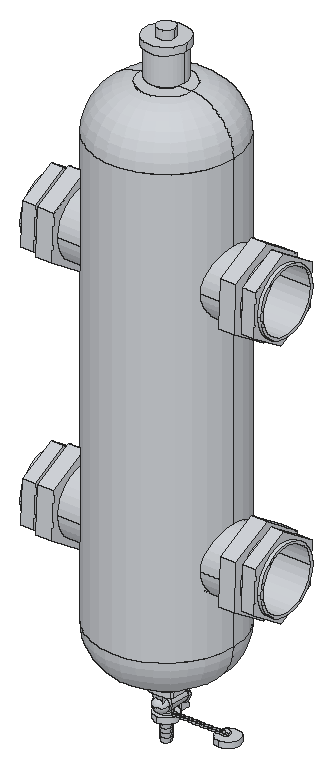
Revit family "Magnetic Dirt-Separator - R146IY006", category Plumbing Fixtures, Revit 2015
Reference planes
  plane 1 "Center (Front/Back)": y = 0
  plane 2: z = 0
  plane 3 "Center (Left/Right)": x = 0
  plane 4: z = 179
  plane 5: x = -116
  plane 6: x = 116
  plane 7: x = 27.082
  plane 8: x = -27.082
  plane 9: z = 617
  plane 10: z = 419
  plane 11: y = 27.082
  plane 12: y = -27.082
  plane 13: y = -65
  plane 14: y = 71
  plane 15: y = 27.082
  plane 16: y = -27.082
Forms (mm)
  Revolve 1, solid
    sketch origin (0, 0, 3) x (1, 0, 0) y (0, 0, 1)
      loop
        line (-65, 521.67) -> (-65, 99.691)
        arc (-65, 99.691) -> (-54, 71.623) -> (-26.858, 58.503) r 41.31
        line (-26.858, 58.503) -> (0, 58.503) -> (0, 566) -> (-24.979, 566)
        arc (-24.979, 566) -> (-53.515, 551.532) -> (-65, 521.67) r 44.562
      axis (0, 566) -> (0, 58.503)
    angle from 0 to 360
  Extrusion 2, solid
    sketch origin (0, 0, 609) x (1, 0, 0) y (0, 1, 0)
      loop
        circle (0, 0) r 8
    from 0 to 8
  Revolve 3, solid
    sketch origin (0, 0, 0) x (1, 0, 0) y (0, 0, 1)
      loop
        line (-5.119, 19.706) -> (-4.304, 15.76) -> (-5.119, 15.76) -> (-4.304, 11.814) -> (-5.119, 11.814) -> (-4.304, 7.868) -> (-5.119, 7.868) -> (-4.304, 3.922) -> (-5.119, 3.922) -> (-4.309, 0) -> (0, 0) -> (0, 19.706) -> (-5.119, 19.706)
      axis (0, 19.706) -> (0, 0)
    angle from 0 to 360
  Extrusion 4, solid
    sketch origin (0, 0, 51.5) x (0, -1, 0) y (1, 0, 0)
      loop
        line (-9.899, 9.899) -> (-13.523, -3.623) -> (-3.623, -13.523) -> (9.899, -9.899) -> (13.523, 3.623) -> (3.623, 13.523) -> (-9.899, 9.899)
    from -0.912 to 11.088
  Extrusion 5, solid
    sketch origin (0, 0, 43.706) x (0, -1, 0) y (1, 0, 0)
      loop
        circle (0, 0) r 11.105
      loop
        line (-8.942, -11.82) -> (-6.943, -13.221)
        arc (-6.943, -13.221) -> (0, -12.987) -> (6.943, -13.221) r 103.44
        line (6.943, -13.221) -> (8.942, -11.82)
        arc (8.942, -11.82) -> (11.789, 0) -> (8.942, 11.82) r 25.966
        line (8.942, 11.82) -> (6.943, 13.221)
        arc (6.943, 13.221) -> (0, 12.987) -> (-6.943, 13.221) r 103.44
        line (-6.943, 13.221) -> (-8.942, 11.82)
        arc (-8.942, 11.82) -> (-11.789, 0) -> (-8.942, -11.82) r 25.966
    from 0 to 5
  Extrusion 6, solid
    sketch origin (0, 0, 19.706) x (0, -1, 0) y (1, 0, 0)
      loop
        circle (0, 0) r 11
    from 0 to 4.971
  Extrusion 7, solid
    sketch origin (0, 0, 44.706) x (0, -1, 0) y (1, 0, 0)
      loop
        circle (0, 0) r 13
    from 4 to 6
  Extrusion 8, solid
    sketch origin (59.562, 0, 19.677) x (0, -1, 0) y (1, 0, 0)
      loop
        circle (0, 0) r 11
    from 0 to 5
  Extrusion 9, solid
    sketch origin (0, 10.938, -134.258) x (1, 0, 0) y (0, 0, -1)
      loop
        circle (0, -167.996) r 7.5
    from -13.595 to 5.209
  Revolve 10, solid
    sketch origin (0, -2.656, 33.727) x (0, -1, 0) y (1, 0, 0)
      loop
        line (0, 7.5) -> (0, 0) -> (10.635, 0)
        arc (10.635, 0) -> (8.319, 5.314) -> (2.95, 7.5) r 7.687
        line (2.95, 7.5) -> (0, 7.5)
      axis (0, 0) -> (10.635, 0)
    angle from 0 to 360
  Extrusion 11, solid
    sketch origin (0, 0, 14.706) x (-1, 0, 0) y (0, -1, 0)
      loop
        circle (0, 0) r 5.119
    from 9.971 to 16.528
  Revolve 12, solid
    sketch origin (0, 16.384, 33.727) x (0, 1, 0) y (-1, 0, 0)
      loop
        line (0.632, -8.291) -> (2.722, -8.291)
        arc (2.722, -8.291) -> (3.657, -4.191) -> (4.004, 0) r 29.769
        line (4.004, 0) -> (-1.726, 0) -> (-1.726, -5.865) -> (2.031, -5.865) -> (2.031, -7.491) -> (0.632, -7.491) -> (0.632, -8.291)
      axis (-1.726, 0) -> (4.004, 0)
    angle from 0 to 360
  Extrusion 13, solid
    sketch origin (4.688, 0, 0) x (0, -1, 0) y (0, 0, 1)
      loop
        line (11.329, 43.706) -> (-11.171, 43.706)
        arc (-11.171, 43.706) -> (-9.919, 40.677) -> (-9.876, 37.399) r 8.706
        line (-9.876, 37.399) -> (10.033, 37.399)
        arc (10.033, 37.399) -> (10.077, 40.677) -> (11.329, 43.706) r 8.706
    from -0.08 to 9.224
  Extrusion 14, solid
    sketch origin (1, 0, 0) x (0, -1, 0) y (0, 0, 1)
      loop
        line (-17.015, 42.013) -> (-17.015, 44.152) -> (-25.165, 44.152)
        arc (-25.165, 44.152) -> (-25.684, 43.831) -> (-25.628, 43.224) r 0.579
        line (-25.628, 43.224) -> (-20.328, 34.998)
        arc (-20.328, 34.998) -> (-19.907, 38.541) -> (-19.091, 42.013) r 31.634
        line (-19.091, 42.013) -> (-17.015, 42.013)
      loop
        line (-17.017, 25.437) -> (-19.084, 25.437)
        arc (-19.084, 25.437) -> (-19.905, 28.921) -> (-20.328, 32.476) r 31.634
        line (-20.328, 32.476) -> (-26.147, 19.717)
        arc (-26.147, 19.717) -> (-26.054, 18.428) -> (-24.921, 17.809) r 1.348
        line (-24.921, 17.809) -> (-17.017, 17.809) -> (-17.017, 25.437)
    from 0 to 2
  Extrusion 15, solid
    sketch origin (0, 0, 24.677) x (1, 0, 0) y (0, 1, 0)
      loop
        arc (9.667, 0.599) -> (7.817, 2.01) -> (5.874, 0.731) r 2.011
        arc (5.874, 0.731) -> (-0.366, 5.908) -> (-5.919, 0) r 5.919
        arc (-5.919, 0) -> (-0.366, -5.908) -> (5.874, -0.731) r 5.919
        arc (5.874, -0.731) -> (7.817, -2.01) -> (9.667, -0.599) r 2.011
        arc (9.667, -0.599) -> (11.587, -2.011) -> (13.506, -0.599) r 2.011
        arc (13.506, -0.599) -> (15.426, -2.011) -> (17.346, -0.599) r 2.011
        arc (17.346, -0.599) -> (19.265, -2.011) -> (21.185, -0.599) r 2.011
        arc (21.185, -0.599) -> (23.104, -2.011) -> (25.024, -0.599) r 2.011
        arc (25.024, -0.599) -> (26.944, -2.011) -> (28.863, -0.599) r 2.011
        arc (28.863, -0.599) -> (30.783, -2.011) -> (32.702, -0.599) r 2.011
        arc (32.702, -0.599) -> (34.622, -2.011) -> (36.541, -0.599) r 2.011
        arc (36.541, -0.599) -> (38.461, -2.011) -> (40.381, -0.599) r 2.011
        arc (40.381, -0.599) -> (42.3, -2.011) -> (44.22, -0.599) r 2.011
        arc (44.22, -0.599) -> (46.139, -2.011) -> (48.059, -0.599) r 2.011
        arc (48.059, -0.599) -> (49.979, -2.011) -> (51.898, -0.599) r 2.011
        arc (51.898, -0.599) -> (53.818, -2.011) -> (55.737, -0.599) r 2.011
        arc (55.737, -0.599) -> (57.96, -1.988) -> (59.668, 0) r 2.011
        arc (59.668, 0) -> (57.96, 1.988) -> (55.737, 0.599) r 2.011
        arc (55.737, 0.599) -> (53.818, 2.011) -> (51.898, 0.599) r 2.011
        arc (51.898, 0.599) -> (49.979, 2.011) -> (48.059, 0.599) r 2.011
        arc (48.059, 0.599) -> (46.139, 2.011) -> (44.22, 0.599) r 2.011
        arc (44.22, 0.599) -> (42.3, 2.011) -> (40.381, 0.599) r 2.011
        arc (40.381, 0.599) -> (38.461, 2.011) -> (36.541, 0.599) r 2.011
        arc (36.541, 0.599) -> (34.622, 2.011) -> (32.702, 0.599) r 2.011
        arc (32.702, 0.599) -> (30.783, 2.011) -> (28.863, 0.599) r 2.011
        arc (28.863, 0.599) -> (26.944, 2.011) -> (25.024, 0.599) r 2.011
        arc (25.024, 0.599) -> (23.104, 2.011) -> (21.185, 0.599) r 2.011
        arc (21.185, 0.599) -> (19.265, 2.011) -> (17.346, 0.599) r 2.011
        arc (17.346, 0.599) -> (15.426, 2.011) -> (13.506, 0.599) r 2.011
        arc (13.506, 0.599) -> (11.587, 2.011) -> (9.667, 0.599) r 2.011
      loop
        circle (7.748, 0) r 1.828
      loop
        circle (11.587, 0) r 1.828
      loop
        circle (15.426, 0) r 1.828
      loop
        circle (19.265, 0) r 1.828
      loop
        circle (23.104, 0) r 1.828
      loop
        circle (26.944, 0) r 1.828
      loop
        circle (30.783, 0) r 1.828
      loop
        circle (34.622, 0) r 1.828
      loop
        circle (38.461, 0) r 1.828
      loop
        circle (42.3, 0) r 1.828
      loop
        circle (46.139, 0) r 1.828
      loop
        circle (49.979, 0) r 1.828
      loop
        circle (53.818, 0) r 1.828
      loop
        circle (0, 0) r 5.119
      loop
        circle (57.657, 0) r 1.828
    from 0 to 1
  Extrusion 16, solid
    sketch origin (-1.905, 0, -3.024) x (1, 0, 0) y (0, 0, 1)
      loop
        line (55.828, 28.935) -> (63.295, 28.935) -> (63.295, 30.576)
        arc (63.295, 30.576) -> (59.562, 31.656) -> (55.828, 30.576) r 6.992
        line (55.828, 30.576) -> (55.828, 28.935)
      loop
        arc (62.495, 30.585) -> (59.562, 30.853) -> (56.628, 30.585) r 16.148
        line (56.628, 30.585) -> (56.628, 29.735) -> (62.495, 29.735) -> (62.495, 30.585)
    from -1.539 to 1.47
  Extrusion 17, solid
    sketch origin (59.562, 0, 27.373) x (0, -1, 0) y (1, 0, 0)
      loop
        circle (0, -1.905) r 1.5
    from -3.516 to -1.461
  Extrusion 18, solid
    sketch origin (-37.5, 0, 243.737) x (0, 1, 0) y (0, 0, -1)
      loop
        circle (0, -175.263) r 31
    from -153.5 to 78.5
  Extrusion 19, void
    sketch origin (0, 0, 220) x (0, 1, 0) y (0, 0, 1)
      loop
        circle (0, 199) r 29
    from -201.156 to 225
  Extrusion 20, void
    sketch origin (0, 0, 0) x (1, 0, 0) y (0, 0, 1)
      loop
        circle (0, 419) r 14
    from -70.955 to -15
  Extrusion 21, solid
    sketch origin (0, 0.79, 0) x (1, 0, 0) y (0, 0, -1)
      loop
        circle (0, -419) r 14
      loop
        circle (0, -419) r 16
    from 23.301 to 70.21
  Extrusion 22, solid
    sketch origin (37.5, 0, 23.737) x (0, 1, 0) y (0, 0, 1)
      loop
        circle (0, 155.263) r 31
    from -153.5 to 78.5
  Extrusion 23, void
    sketch origin (0, 0, 0) x (0, 1, 0) y (0, 0, 1)
      loop
        circle (0, 179) r 29
    from -201.156 to 225
  Extrusion 24, solid
    sketch origin (0, 0, 602) x (1, 0, 0) y (0, 1, 0)
      loop
        circle (0, 0) r 20
    from 0 to 7
  Extrusion 25, solid
    sketch origin (0, 0, 583.505) x (1, 0, 0) y (0, 1, 0)
      loop
        circle (0, 0) r 18
    from -9.505 to 18.495
  Extrusion 26, solid
    sketch origin (0, 0, 569) x (1, 0, 0) y (0, 1, 0)
      loop
        circle (0, 0) r 11
    from 0 to 5
  Extrusion 27, solid
    sketch origin (-112.125, 0, 0) x (0, 1, 0) y (0, 0, 1)
      loop
        line (2.036, 457.855) -> (-32.631, 440.191) -> (-34.668, 401.336) -> (-2.036, 380.145) -> (32.631, 397.809) -> (34.668, 436.664) -> (2.036, 457.855)
      loop
        circle (0, 419) r 31
    from 0 to 12
  Extrusion 28, solid
    sketch origin (-95.652, 0, 0) x (0, 1, 0) y (0, 0, 1)
      loop
        line (2.198, 460.942) -> (-35.224, 441.875) -> (-37.422, 399.932) -> (-2.198, 377.058) -> (35.224, 396.125) -> (37.422, 438.068) -> (2.198, 460.942)
      loop
        circle (0, 419) r 31
    from 0 to 15
  Extrusion 29, solid
    sketch origin (112.125, 0, 0) x (0, 1, 0) y (0, 0, -1)
      loop
        line (2.036, -457.855) -> (34.668, -436.664) -> (32.631, -397.809) -> (-2.036, -380.145) -> (-34.668, -401.336) -> (-32.631, -440.191) -> (2.036, -457.855)
      loop
        circle (0, -419) r 31
    from 0 to 12
  Extrusion 30, solid
    sketch origin (95.652, 0, 0) x (0, 1, 0) y (0, 0, -1)
      loop
        line (2.198, -460.942) -> (37.422, -438.068) -> (35.224, -396.125) -> (-2.198, -377.058) -> (-37.422, -399.932) -> (-35.224, -441.875) -> (2.198, -460.942)
      loop
        circle (0, -419) r 31
    from 0 to 15
  Extrusion 31, solid
    sketch origin (-112.125, 0, -240) x (0, 1, 0) y (0, 0, 1)
      loop
        line (2.036, 457.855) -> (-32.631, 440.191) -> (-34.668, 401.336) -> (-2.036, 380.145) -> (32.631, 397.809) -> (34.668, 436.664) -> (2.036, 457.855)
      loop
        circle (0, 419) r 31
    from 0 to 12
  Extrusion 32, solid
    sketch origin (-95.652, 0, -240) x (0, 1, 0) y (0, 0, 1)
      loop
        line (2.198, 460.942) -> (-35.224, 441.875) -> (-37.422, 399.932) -> (-2.198, 377.058) -> (35.224, 396.125) -> (37.422, 438.068) -> (2.198, 460.942)
      loop
        circle (0, 419) r 31
    from 0 to 15
  Extrusion 33, solid
    sketch origin (112.125, 0, -240) x (0, 1, 0) y (0, 0, -1)
      loop
        line (2.036, -457.855) -> (34.668, -436.664) -> (32.631, -397.809) -> (-2.036, -380.145) -> (-34.668, -401.336) -> (-32.631, -440.191) -> (2.036, -457.855)
      loop
        circle (0, -419) r 31
    from 0 to 12
  Extrusion 34, solid
    sketch origin (95.652, 0, -240) x (0, 1, 0) y (0, 0, -1)
      loop
        line (2.198, -460.942) -> (37.422, -438.068) -> (35.224, -396.125) -> (-2.198, -377.058) -> (-37.422, -399.932) -> (-35.224, -441.875) -> (2.198, -460.942)
      loop
        circle (0, -419) r 31
    from 0 to 15
Cuts and joins
  Extrusion 19, Extrusion 20, Extrusion 23 cuts Revolve 1
  Extrusion 19, Extrusion 23 cuts Extrusion 18
  Extrusion 23 cuts Extrusion 22
Dimensions and locks
  plane 2 to plane 4 = 179 mm
  equal spacing: plane 5, plane 3 "Center (Left/Right)", plane 6
  plane 2 to plane 9 = 617 mm
  plane 4 to plane 10 = 240 mm
  plane 10 to plane 9 = 198 mm
  plane 1 "Center (Front/Back)" to plane 14 = 71 mm
  plane 13 to plane 1 "Center (Front/Back)" = 65 mm
  plane 13 to plane 14 = 136 mm
  plane 3 "Center (Left/Right)" to plane 6 = 116 mm
  plane 3 "Center (Left/Right)" to plane 5 = 116 mm
  aligned and locked: level to plane 2
Automatic sketch dimensions
  Revolve 1 sketch curve to plane 3 "Center (Left/Right)" = 0 mm  (x2)
  Revolve 1 sketch curve to plane 3 "Center (Left/Right)" = 20.438 mm
  Revolve 1 sketch curve to plane 3 "Center (Left/Right)" = 23.69 mm
  Revolve 1 sketch curve to Revolve 1 sketch curve = 24.979 mm
  Revolve 1 sketch curve to Revolve 1 sketch curve = 26.858 mm
  Revolve 1 sketch curve to Revolve 1 sketch curve = 41.31 mm
  level to Revolve 1 sketch curve = 61.503 mm
  Revolve 1 sketch curve to plane 9 = 92.33 mm
  Revolve 1 sketch curve to plane 10 = 94 mm
  Revolve 1 sketch curve to Revolve 1 sketch curve = 22.67 mm
  plane 1 "Center (Front/Back)" to Extrusion 2 sketch curve = 0 mm
  Extrusion 2 sketch curve to plane 3 "Center (Left/Right)" = 0 mm
  Revolve 3 sketch curve to level = 0 mm  (x2)
  Revolve 3 sketch curve to plane 3 "Center (Left/Right)" = 0 mm  (x2)
  Revolve 3 sketch curve to plane 3 "Center (Left/Right)" = 4.304 mm  (x2)
  Revolve 3 sketch curve to Revolve 3 sketch curve = 0 mm  (x3)
  Revolve 3 sketch curve to Revolve 3 sketch curve = 0.005 mm
  Revolve 3 sketch curve to Revolve 3 sketch curve = 0.815 mm  (x4)
  level to Revolve 3 sketch curve = 3.922 mm
  Revolve 3 sketch curve to Revolve 3 sketch curve = 3.946 mm  (x4)
  Revolve 3 sketch curve to level = 13.856 mm
  Extrusion 4 sketch curve to plane 3 "Center (Left/Right)" = 3.623 mm
  Extrusion 4 sketch curve to plane 1 "Center (Front/Back)" = 13.523 mm
  Extrusion 4 sketch curve to plane 1 "Center (Front/Back)" = 9.899 mm
  Extrusion 4 sketch curve to plane 1 "Center (Front/Back)" = 3.623 mm
  plane 1 "Center (Front/Back)" to Extrusion 4 sketch curve = 3.623 mm
  plane 1 "Center (Front/Back)" to Extrusion 4 sketch curve = 9.899 mm
  plane 3 "Center (Left/Right)" to Extrusion 4 sketch curve = 3.623 mm
  plane 1 "Center (Front/Back)" to Extrusion 4 sketch curve = 13.523 mm
  Extrusion 4 sketch curve to plane 3 "Center (Left/Right)" = 9.899 mm
  Extrusion 4 sketch curve to plane 3 "Center (Left/Right)" = 13.523 mm
  plane 3 "Center (Left/Right)" to Extrusion 4 sketch curve = 9.899 mm
  plane 3 "Center (Left/Right)" to Extrusion 4 sketch curve = 13.523 mm
  Extrusion 5 sketch curve to plane 3 "Center (Left/Right)" = 0 mm  (x3)
  plane 1 "Center (Front/Back)" to Extrusion 5 sketch curve = 0 mm  (x3)
  Extrusion 5 sketch curve to plane 1 "Center (Front/Back)" = 6.943 mm  (x2)
  Extrusion 5 sketch curve to Extrusion 5 sketch curve = 2 mm  (x4)
  Extrusion 5 sketch curve to Extrusion 5 sketch curve = 5.235 mm  (x2)
  plane 1 "Center (Front/Back)" to Extrusion 5 sketch curve = 6.943 mm  (x2)
  Extrusion 5 sketch curve to plane 3 "Center (Left/Right)" = 11.82 mm  (x2)
  Extrusion 5 sketch curve to Extrusion 5 sketch curve = 1.4 mm  (x2)
  plane 5 to Extrusion 5 sketch curve = 0.427 mm
  Extrusion 5 sketch curve to plane 6 = 0.427 mm
  plane 1 "Center (Front/Back)" to Extrusion 6 sketch curve = 0 mm
  Extrusion 6 sketch curve to plane 3 "Center (Left/Right)" = 0 mm
  plane 1 "Center (Front/Back)" to Extrusion 7 sketch curve = 0 mm
  Extrusion 7 sketch curve to plane 3 "Center (Left/Right)" = 0 mm
  plane 1 "Center (Front/Back)" to Extrusion 8 sketch curve = 0 mm
  plane 6 to Extrusion 8 sketch curve = 56.438 mm
  Extrusion 9 sketch curve to plane 3 "Center (Left/Right)" = 0 mm
  level to Extrusion 9 sketch curve = 33.737 mm
  Revolve 10 sketch curve to plane 3 "Center (Left/Right)" = 0 mm  (x2)
  plane 1 "Center (Front/Back)" to Revolve 10 sketch curve = 2.656 mm
  Revolve 10 sketch curve to plane 3 "Center (Left/Right)" = 0.187 mm
  Revolve 10 sketch curve to Revolve 10 sketch curve = 2.95 mm
  Revolve 10 sketch curve to Revolve 10 sketch curve = 7.684 mm
  Revolve 10 sketch curve to Revolve 10 sketch curve = 0.693 mm
  Revolve 10 sketch curve to plane 1 "Center (Front/Back)" = 4.745 mm
  Extrusion 11 sketch curve to Extrusion 11 sketch curve = 0 mm  (x2)
  plane 1 "Center (Front/Back)" to Extrusion 11 sketch curve = 0 mm
  Extrusion 11 sketch curve to plane 3 "Center (Left/Right)" = 0 mm
  plane 3 "Center (Left/Right)" to Extrusion 11 sketch curve = 5.119 mm
  Revolve 12 sketch curve to plane 3 "Center (Left/Right)" = 0 mm  (x2)
  Revolve 12 sketch curve to plane 3 "Center (Left/Right)" = 0.359 mm
  plane 1 "Center (Front/Back)" to Revolve 12 sketch curve = 9.379 mm
  Revolve 12 sketch curve to plane 1 "Center (Front/Back)" = 14.658 mm
  Revolve 12 sketch curve to Revolve 12 sketch curve = 2.358 mm
  Revolve 12 sketch curve to Revolve 12 sketch curve = 1.4 mm
  Revolve 12 sketch curve to Revolve 12 sketch curve = 0.691 mm
  Revolve 12 sketch curve to Revolve 12 sketch curve = 5.73 mm
  Revolve 12 sketch curve to Revolve 12 sketch curve = 0.8 mm
  Revolve 12 sketch curve to Revolve 12 sketch curve = 1.626 mm
  Revolve 12 sketch curve to Revolve 12 sketch curve = 5.675 mm
  Revolve 12 sketch curve to Revolve 12 sketch curve = 1.033 mm
  Extrusion 13 sketch curve to plane 1 "Center (Front/Back)" = 18.447 mm
  Extrusion 13 sketch curve to Extrusion 13 sketch curve = 7.276 mm  (x2)
  Extrusion 13 sketch curve to Extrusion 13 sketch curve = 1.296 mm  (x2)
  plane 1 "Center (Front/Back)" to Extrusion 13 sketch curve = 10.033 mm
  level to Extrusion 13 sketch curve = 37.399 mm
  Extrusion 13 sketch curve to Extrusion 13 sketch curve = 1.526 mm
  Extrusion 14 sketch curve to plane 1 "Center (Front/Back)" = 26.147 mm
  Extrusion 14 sketch curve to Extrusion 14 sketch curve = 0.519 mm
  Extrusion 14 sketch curve to Extrusion 14 sketch curve = 0.463 mm
  Extrusion 14 sketch curve to Extrusion 14 sketch curve = 1.227 mm
  Extrusion 14 sketch curve to Extrusion 14 sketch curve = 5.3 mm
  Extrusion 14 sketch curve to Extrusion 14 sketch curve = 0 mm  (x2)
  Extrusion 14 sketch curve to Extrusion 14 sketch curve = 6.074 mm
  Extrusion 14 sketch curve to Extrusion 14 sketch curve = 1.244 mm
  Extrusion 14 sketch curve to Extrusion 14 sketch curve = 2.066 mm
  Extrusion 14 sketch curve to Extrusion 14 sketch curve = 2.076 mm
  plane 1 "Center (Front/Back)" to Extrusion 14 sketch curve = 11.246 mm
  level to Extrusion 14 sketch curve = 17.809 mm
  Extrusion 14 sketch curve to Extrusion 14 sketch curve = 1.348 mm
  Extrusion 14 sketch curve to Extrusion 14 sketch curve = 7.627 mm
  Extrusion 14 sketch curve to Extrusion 14 sketch curve = 7.039 mm
  Extrusion 14 sketch curve to Extrusion 14 sketch curve = 1.379 mm
  Extrusion 14 sketch curve to Extrusion 14 sketch curve = 2.522 mm
  Extrusion 14 sketch curve to Extrusion 14 sketch curve = 1.211 mm
  Extrusion 14 sketch curve to Extrusion 14 sketch curve = 0.349 mm
  Extrusion 15 sketch curve to Extrusion 15 sketch curve = 0 mm  (x180)
  plane 1 "Center (Front/Back)" to Extrusion 15 sketch curve = 0 mm  (x15)
  Extrusion 15 sketch curve to plane 3 "Center (Left/Right)" = 0 mm
  plane 3 "Center (Left/Right)" to Extrusion 15 sketch curve = 7.748 mm
  Extrusion 15 sketch curve to Extrusion 15 sketch curve = 3.839 mm  (x13)
  Extrusion 15 sketch curve to Extrusion 15 sketch curve = 5.119 mm
  Extrusion 15 sketch curve to Extrusion 15 sketch curve = 0.8 mm
  Extrusion 15 sketch curve to plane 1 "Center (Front/Back)" = 0.731 mm
  plane 1 "Center (Front/Back)" to Extrusion 15 sketch curve = 0.731 mm
  Extrusion 15 sketch curve to Extrusion 15 sketch curve = 0.045 mm
  plane 1 "Center (Front/Back)" to Extrusion 15 sketch curve = 0.599 mm  (x12)
  Extrusion 15 sketch curve to plane 1 "Center (Front/Back)" = 0.599 mm  (x13)
  Extrusion 15 sketch curve to Extrusion 15 sketch curve = 0.183 mm  (x13)
  plane 3 "Center (Left/Right)" to Extrusion 16 sketch curve = 53.924 mm
  Extrusion 16 sketch curve to Extrusion 16 sketch curve = 0.8 mm  (x3)
  Extrusion 16 sketch curve to Extrusion 16 sketch curve = 3.733 mm
  Extrusion 16 sketch curve to Extrusion 16 sketch curve = 0 mm
  Extrusion 16 sketch curve to Extrusion 16 sketch curve = 5.867 mm
  level to Extrusion 16 sketch curve = 11.681 mm
  Extrusion 16 sketch curve to Extrusion 16 sketch curve = 9.958 mm
  Extrusion 16 sketch curve to Extrusion 16 sketch curve = 4.272 mm
  Extrusion 16 sketch curve to Extrusion 16 sketch curve = 0.84 mm
  Extrusion 16 sketch curve to Extrusion 16 sketch curve = 0.009 mm
  Extrusion 17 sketch curve to Extrusion 17 sketch curve = 0 mm  (x2)
  plane 1 "Center (Front/Back)" to Extrusion 17 sketch curve = 0 mm
  plane 3 "Center (Left/Right)" to Extrusion 17 sketch curve = 57.657 mm
  Extrusion 17 sketch curve to Extrusion 17 sketch curve = 1.5 mm
  Extrusion 18 sketch curve to plane 1 "Center (Front/Back)" = 0 mm
  Extrusion 18 sketch curve to plane 10 = 0 mm
  Extrusion 19 sketch curve to Extrusion 19 sketch curve = 0 mm  (x2)
  Extrusion 19 sketch curve to plane 10 = 0 mm
  Extrusion 19 sketch curve to plane 1 "Center (Front/Back)" = 0 mm
  plane 1 "Center (Front/Back)" to Extrusion 19 sketch curve = 29 mm
  Extrusion 20 sketch curve to plane 3 "Center (Left/Right)" = 0 mm
  Extrusion 20 sketch curve to plane 10 = 0 mm
  Extrusion 21 sketch curve to Extrusion 21 sketch curve = 0 mm  (x6)
  Extrusion 21 sketch curve to plane 10 = 0 mm
  Extrusion 21 sketch curve to plane 3 "Center (Left/Right)" = 0 mm
  Extrusion 21 sketch curve to plane 3 "Center (Left/Right)" = 16 mm
  Extrusion 22 sketch curve to plane 1 "Center (Front/Back)" = 0 mm
  Extrusion 22 sketch curve to plane 4 = 0 mm
  Extrusion 23 sketch curve to Extrusion 23 sketch curve = 0 mm  (x2)
  Extrusion 23 sketch curve to plane 4 = 0 mm
  Extrusion 23 sketch curve to plane 1 "Center (Front/Back)" = 0 mm
  plane 1 "Center (Front/Back)" to Extrusion 23 sketch curve = 29 mm
  plane 1 "Center (Front/Back)" to Extrusion 24 sketch curve = 0 mm
  Extrusion 24 sketch curve to plane 3 "Center (Left/Right)" = 0 mm
  plane 1 "Center (Front/Back)" to Extrusion 25 sketch curve = 0 mm
  Extrusion 25 sketch curve to plane 3 "Center (Left/Right)" = 0 mm
  plane 1 "Center (Front/Back)" to Extrusion 26 sketch curve = 0 mm
  Extrusion 26 sketch curve to plane 3 "Center (Left/Right)" = 0 mm
  Extrusion 27 sketch curve to plane 1 "Center (Front/Back)" = 0 mm
  Extrusion 27 sketch curve to plane 10 = 0 mm
  plane 1 "Center (Front/Back)" to Extrusion 27 sketch curve = 2.036 mm
  Extrusion 27 sketch curve to plane 13 = 32.369 mm
  Extrusion 27 sketch curve to plane 13 = 30.332 mm
  Extrusion 27 sketch curve to plane 1 "Center (Front/Back)" = 2.036 mm
  Extrusion 27 sketch curve to plane 1 "Center (Front/Back)" = 32.631 mm
  Extrusion 27 sketch curve to plane 1 "Center (Front/Back)" = 34.668 mm
  Extrusion 27 sketch curve to plane 10 = 17.664 mm
  Extrusion 27 sketch curve to plane 10 = 21.191 mm
  Extrusion 27 sketch curve to plane 10 = 38.855 mm
  plane 10 to Extrusion 27 sketch curve = 17.664 mm
  plane 10 to Extrusion 27 sketch curve = 21.191 mm
  plane 10 to Extrusion 27 sketch curve = 38.855 mm
  Extrusion 28 sketch curve to plane 1 "Center (Front/Back)" = 0 mm
  Extrusion 28 sketch curve to plane 10 = 0 mm
  plane 1 "Center (Front/Back)" to Extrusion 28 sketch curve = 2.198 mm
  Extrusion 28 sketch curve to plane 13 = 29.776 mm
  Extrusion 28 sketch curve to plane 13 = 27.578 mm
  Extrusion 28 sketch curve to plane 1 "Center (Front/Back)" = 2.198 mm
  Extrusion 28 sketch curve to plane 1 "Center (Front/Back)" = 35.224 mm
  plane 14 to Extrusion 28 sketch curve = 33.578 mm
  Extrusion 28 sketch curve to plane 10 = 19.068 mm
  Extrusion 28 sketch curve to plane 10 = 22.875 mm
  Extrusion 28 sketch curve to plane 10 = 41.942 mm
  plane 10 to Extrusion 28 sketch curve = 19.068 mm
  plane 10 to Extrusion 28 sketch curve = 22.875 mm
  plane 10 to Extrusion 28 sketch curve = 41.942 mm
  Extrusion 29 sketch curve to plane 1 "Center (Front/Back)" = 0 mm
  Extrusion 29 sketch curve to plane 10 = 0 mm
  plane 1 "Center (Front/Back)" to Extrusion 29 sketch curve = 2.036 mm
  Extrusion 29 sketch curve to plane 13 = 32.369 mm
  Extrusion 29 sketch curve to plane 13 = 30.332 mm
  Extrusion 29 sketch curve to plane 1 "Center (Front/Back)" = 2.036 mm
  Extrusion 29 sketch curve to plane 1 "Center (Front/Back)" = 32.631 mm
  Extrusion 29 sketch curve to plane 1 "Center (Front/Back)" = 34.668 mm
  plane 10 to Extrusion 29 sketch curve = 17.664 mm
  plane 10 to Extrusion 29 sketch curve = 21.191 mm
  plane 10 to Extrusion 29 sketch curve = 38.855 mm
  Extrusion 29 sketch curve to plane 10 = 17.664 mm
  Extrusion 29 sketch curve to plane 10 = 21.191 mm
  Extrusion 29 sketch curve to plane 10 = 38.855 mm
  Extrusion 30 sketch curve to plane 1 "Center (Front/Back)" = 0 mm
  Extrusion 30 sketch curve to plane 10 = 0 mm
  plane 1 "Center (Front/Back)" to Extrusion 30 sketch curve = 2.198 mm
  Extrusion 30 sketch curve to plane 13 = 29.776 mm
  Extrusion 30 sketch curve to plane 13 = 27.578 mm
  Extrusion 30 sketch curve to plane 1 "Center (Front/Back)" = 2.198 mm
  Extrusion 30 sketch curve to plane 1 "Center (Front/Back)" = 35.224 mm
  plane 14 to Extrusion 30 sketch curve = 33.578 mm
  plane 10 to Extrusion 30 sketch curve = 19.068 mm
  plane 10 to Extrusion 30 sketch curve = 22.875 mm
  plane 10 to Extrusion 30 sketch curve = 41.942 mm
  Extrusion 30 sketch curve to plane 10 = 19.068 mm
  Extrusion 30 sketch curve to plane 10 = 22.875 mm
  Extrusion 30 sketch curve to plane 10 = 41.942 mm
  Extrusion 31 sketch curve to plane 1 "Center (Front/Back)" = 0 mm
  Extrusion 31 sketch curve to plane 4 = 0 mm
  plane 1 "Center (Front/Back)" to Extrusion 31 sketch curve = 2.036 mm
  Extrusion 31 sketch curve to plane 13 = 32.369 mm
  Extrusion 31 sketch curve to plane 13 = 30.332 mm
  Extrusion 31 sketch curve to plane 1 "Center (Front/Back)" = 2.036 mm
  Extrusion 31 sketch curve to plane 1 "Center (Front/Back)" = 32.631 mm
  Extrusion 31 sketch curve to plane 1 "Center (Front/Back)" = 34.668 mm
  Extrusion 31 sketch curve to plane 4 = 17.664 mm
  Extrusion 31 sketch curve to plane 4 = 21.191 mm
  Extrusion 31 sketch curve to plane 4 = 38.855 mm
  plane 4 to Extrusion 31 sketch curve = 17.664 mm
  plane 4 to Extrusion 31 sketch curve = 21.191 mm
  plane 4 to Extrusion 31 sketch curve = 38.855 mm
  Extrusion 32 sketch curve to plane 1 "Center (Front/Back)" = 0 mm
  Extrusion 32 sketch curve to plane 4 = 0 mm
  plane 1 "Center (Front/Back)" to Extrusion 32 sketch curve = 2.198 mm
  Extrusion 32 sketch curve to plane 13 = 29.776 mm
  Extrusion 32 sketch curve to plane 13 = 27.578 mm
  Extrusion 32 sketch curve to plane 1 "Center (Front/Back)" = 2.198 mm
  Extrusion 32 sketch curve to plane 1 "Center (Front/Back)" = 35.224 mm
  plane 14 to Extrusion 32 sketch curve = 33.578 mm
  Extrusion 32 sketch curve to plane 4 = 19.068 mm
  Extrusion 32 sketch curve to plane 4 = 22.875 mm
  Extrusion 32 sketch curve to plane 4 = 41.942 mm
  plane 4 to Extrusion 32 sketch curve = 19.068 mm
  plane 4 to Extrusion 32 sketch curve = 22.875 mm
  plane 4 to Extrusion 32 sketch curve = 41.942 mm
  Extrusion 33 sketch curve to plane 1 "Center (Front/Back)" = 0 mm
  Extrusion 33 sketch curve to plane 4 = 0 mm
  plane 1 "Center (Front/Back)" to Extrusion 33 sketch curve = 2.036 mm
  Extrusion 33 sketch curve to plane 13 = 32.369 mm
  Extrusion 33 sketch curve to plane 13 = 30.332 mm
  Extrusion 33 sketch curve to plane 1 "Center (Front/Back)" = 2.036 mm
  Extrusion 33 sketch curve to plane 1 "Center (Front/Back)" = 32.631 mm
  Extrusion 33 sketch curve to plane 1 "Center (Front/Back)" = 34.668 mm
  plane 4 to Extrusion 33 sketch curve = 17.664 mm
  plane 4 to Extrusion 33 sketch curve = 21.191 mm
  plane 4 to Extrusion 33 sketch curve = 38.855 mm
  Extrusion 33 sketch curve to plane 4 = 17.664 mm
  Extrusion 33 sketch curve to plane 4 = 21.191 mm
  Extrusion 33 sketch curve to plane 4 = 38.855 mm
  Extrusion 34 sketch curve to plane 1 "Center (Front/Back)" = 0 mm
  Extrusion 34 sketch curve to plane 4 = 0 mm
  plane 1 "Center (Front/Back)" to Extrusion 34 sketch curve = 2.198 mm
  Extrusion 34 sketch curve to plane 13 = 29.776 mm
  Extrusion 34 sketch curve to plane 13 = 27.578 mm
  Extrusion 34 sketch curve to plane 1 "Center (Front/Back)" = 2.198 mm
  Extrusion 34 sketch curve to plane 1 "Center (Front/Back)" = 35.224 mm
  plane 14 to Extrusion 34 sketch curve = 33.578 mm
  plane 4 to Extrusion 34 sketch curve = 19.068 mm
  plane 4 to Extrusion 34 sketch curve = 22.875 mm
  plane 4 to Extrusion 34 sketch curve = 41.942 mm
  Extrusion 34 sketch curve to plane 4 = 19.068 mm
  Extrusion 34 sketch curve to plane 4 = 22.875 mm
  Extrusion 34 sketch curve to plane 4 = 41.942 mm
  radius of Extrusion 2 sketch curve = 8 mm
  radius of Extrusion 5 sketch curve = 11.105 mm
  radius of Extrusion 6 sketch curve = 11 mm
  radius of Extrusion 7 sketch curve = 13 mm
  radius of Extrusion 8 sketch curve = 11 mm
  radius of Extrusion 9 sketch curve = 7.5 mm
  radius of Extrusion 18 sketch curve = 31 mm
  radius of Extrusion 20 sketch curve = 14 mm
  radius of Extrusion 21 sketch curve = 14 mm
  radius of Extrusion 22 sketch curve = 31 mm
  radius of Extrusion 24 sketch curve = 20 mm
  radius of Extrusion 25 sketch curve = 18 mm
  radius of Extrusion 26 sketch curve = 11 mm
  radius of Extrusion 27 sketch curve = 31 mm
  radius of Extrusion 28 sketch curve = 31 mm
  radius of Extrusion 29 sketch curve = 31 mm
  radius of Extrusion 30 sketch curve = 31 mm
  radius of Extrusion 31 sketch curve = 31 mm
  radius of Extrusion 32 sketch curve = 31 mm
  radius of Extrusion 33 sketch curve = 31 mm
  radius of Extrusion 34 sketch curve = 31 mm
